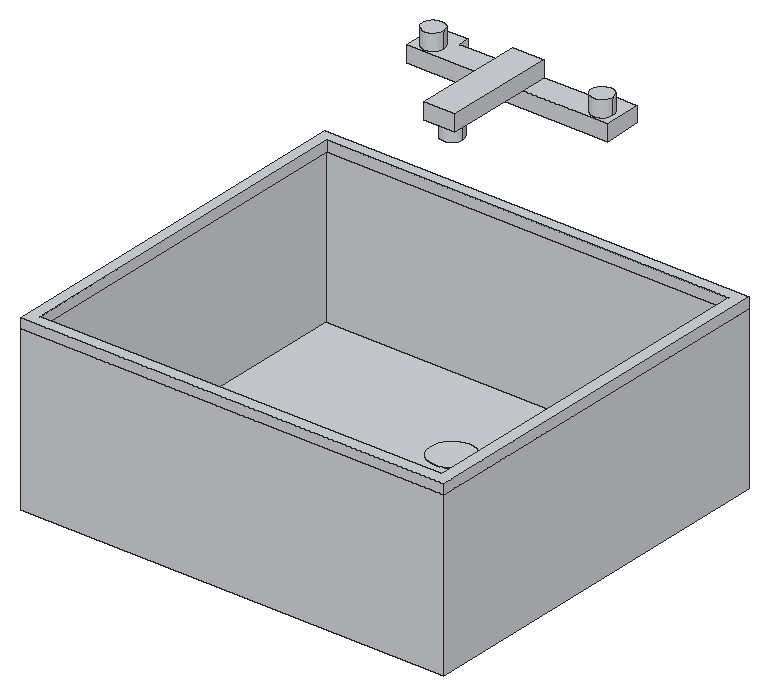
Revit family "8593707e93b044a98a5fc080da219077", category Plumbing Fixtures, Revit 2021
Family settings
  Round Connector Dimension = Use Radius
  Part Type = Normal
  OmniClass Number = 23.45.05.14.14
  OmniClass Title = Sinks/Lavatories
  Seek Item ID = Sink - Work-0000-USA-ENU
  Work Plane-Based = No
  Always vertical = Yes
  Cut with Voids When Loaded = No
  Shared = No
  Room Calculation Point = No
Parameters (values of type "20"x18"")
  WFU = 2
  Sink Width = 1' - 6"
  Sink Material = none
  Sink Length = 1' - 8"
  Sink Depth = 0' - 8"
  Sanitary Radius = 3/4"
  Sanitary Diameter = 2 * Sanitary Radius  # 1 1/2"
  Hot Water Radius = 1/4"
  Hot Water Diameter = 2 * Hot Water Radius  # 1/2"
  HWFU = 2.25
  Flow Pressure [instance] = 8.00 psi
  Faucet Material = none
  Faucet Height = 1' - 1 5/8"
  Default Elevation = 0' - 0"
  Cold Water Radius = 1/4"
  Cold Water Diameter = 2 * Cold Water Radius  # 1/2"
  CWFU = 2.25
Reference planes (in)
  plane 1 "Center (Front/Back)": y = 0
  plane 2: z = 0
  plane 3 "Center (Left/Right)": x = 0
  plane 4: x = -10
  plane 5: x = 10
  plane 6: y = -18
  plane 7: y = -0.125
  plane 8: x = -9.875
  plane 9: x = 9.875
  plane 10: y = -17.875
  plane 11: z = 0.125
  plane 12: z = 8.125
  plane 13: z = 7.625
  plane 14: y = -0.5
  plane 15: x = -9.5
  plane 16: x = 9.5
  plane 17: y = -17.5
  plane 18: y = -5
  plane 19: z = 13.625
  plane 20: z = 14.375
  plane 21: z = 15.125
  plane 22: y = -1.75
  plane 23: x = -4.75
  plane 24: x = 4.75
  plane 25: x = -3.25
  plane 26: x = 3.25
  plane 27: y = -1.125
  plane 28: x = -4
  plane 29: x = 4
  plane 30: y = -5.75
  plane 31: x = -0.75
  plane 32: x = 0.75
Forms (in)
  Extrusion 1, solid, material <- "Sink Material"
    sketch origin (0, 0, 0) x (1, 0, 0) y (0, 1, 0)
      loop
        line (-10, 0) -> (-10, -18) -> (10, -18) -> (10, 0) -> (-10, 0)
      loop
        line (-9.875, -0.125) -> (-9.875, -17.875) -> (9.875, -17.875) -> (9.875, -0.125) -> (-9.875, -0.125)
    from 0 to 7.625
  Extrusion 2, solid, material <- "Sink Material"
    sketch origin (0, 0, 0) x (1, 0, 0) y (0, 1, 0)
      loop
        line (-9.875, -0.125) -> (-9.875, -17.875) -> (9.875, -17.875) -> (9.875, -0.125) -> (-9.875, -0.125)
    from 0 to 0.125
  Extrusion 3, solid, material <- "Sink Material"
    sketch origin (0, 0, 0) x (1, 0, 0) y (0, 1, 0)
      loop
        line (-10, 0) -> (-10, -18) -> (10, -18) -> (10, 0) -> (-10, 0)
      loop
        line (-9.5, -0.5) -> (-9.5, -17.5) -> (9.5, -17.5) -> (9.5, -0.5) -> (-9.5, -0.5)
    from 7.625 to 8.125
  Extrusion 4, solid, material <- "Sink Material"
    sketch origin (0, 0, 0) x (1, 0, 0) y (0, 1, 0)
      loop
        circle (0, -5) r 1
    from 0 to 0.125
  Extrusion 5, solid, material <- "Faucet Material", detail levels fine
    sketch origin (0, 0, 0) x (1, 0, 0) y (0, 1, 0)
      loop
        line (-4.75, 0) -> (-4.75, -1.75) -> (4.75, -1.75) -> (4.75, 0) -> (3.25, 0) -> (3.25, -0.5) -> (-3.25, -0.5) -> (-3.25, 0) -> (-4.75, 0)
    from 13.625 to 14.375
  Extrusion 6, solid, material <- "Faucet Material", detail levels fine
    sketch origin (0, 0, 0) x (1, 0, 0) y (0, 1, 0)
      loop
        circle (-4, -1.125) r 0.5
      loop
        circle (4, -1.125) r 0.5
    from 14.375 to 15.125
  Extrusion 7, solid, material <- "Faucet Material", detail levels fine
    sketch origin (0, 0, 0) x (1, 0, 0) y (0, 1, 0)
      loop
        line (-0.75, -0.5) -> (-0.75, -5.75) -> (0.75, -5.75) -> (0.75, -0.5) -> (-0.75, -0.5)
    from 14.375 to 15.125
  Extrusion 8, solid, material <- "Faucet Material", detail levels fine
    sketch origin (0, 0, 0) x (1, 0, 0) y (0, 1, 0)
      loop
        circle (0, -5) r 0.5
    from 13.625 to 14.375
Cuts and joins
  joined: Extrusion 1, Extrusion 2
  joined: Extrusion 5, Extrusion 6, Extrusion 7, Extrusion 8
Dimensions and locks (in)
  equal spacing: plane 4, plane 3 "Center (Left/Right)", plane 5
  "Sink Length": plane 4 to plane 5
  "Sink Width": plane 6 to plane 1 "Center (Front/Back)"
  locked: plane 7 to plane 1 "Center (Front/Back)" at 0.125
  locked: plane 9 to plane 5 at 0.125
  locked: plane 10 to plane 6 at 0.125
  locked: plane 4 to plane 8 at 0.125
  locked: plane 11 to plane 2 at 0.125
  "Sink Depth": plane 12 to plane 11
  locked: plane 12 to plane 13 at 0.5
  locked: plane 1 "Center (Front/Back)" to plane 14 at 0.5
  locked: plane 16 to plane 5 at 0.5
  locked: plane 6 to plane 17 at 0.5
  locked: plane 4 to plane 15 at 0.5
  "Faucet Height": plane 19 to plane 2
  plane 21 to plane 20 to plane 19 = 0' - 0 3/4" locked, 0' - 0 3/4" locked
  locked: plane 14 to plane 22 at 1.25
  plane 23 to plane 3 "Center (Left/Right)" to plane 24 = 0' - 4 3/4" locked, 0' - 4 3/4" locked
  locked: plane 23 to plane 25 at 1.5
  locked: plane 26 to plane 24 at 1.5
  equal spacing: plane 14, plane 27, plane 22
  equal spacing: plane 23, plane 28, plane 25
  equal spacing: plane 26, plane 29, plane 24
  locked: plane 22 to plane 30 at 4
  plane 31 to plane 3 "Center (Left/Right)" to plane 32 = 0' - 0 3/4" locked, 0' - 0 3/4" locked
  radius of Extrusion 4 sketch curve = 0' - 1"
  radius of Extrusion 6 sketch curve = 0' - 0 1/2"  (x2)
  radius of Extrusion 8 sketch curve = 0' - 0 1/2"
  aligned and locked: plane 4 to Extrusion 1 sketch curve
  aligned and locked: plane 1 "Center (Front/Back)" to Extrusion 1 sketch curve
  aligned and locked: plane 6 to Extrusion 1 sketch curve
  aligned and locked: Extrusion 1 sketch curve to plane 5
  aligned and locked: plane 8 to Extrusion 1 sketch curve
  aligned and locked: plane 7 to Extrusion 1 sketch curve
  aligned and locked: plane 10 to Extrusion 1 sketch curve
  aligned and locked: plane 9 to Extrusion 1 sketch curve
  aligned and locked: Extrusion 1 to plane 2
  aligned and locked: plane 13 to Extrusion 1
  aligned and locked: Extrusion 1 to Extrusion 2 sketch curve
  aligned and locked: Extrusion 2 sketch curve to Extrusion 1  (x3)
  aligned and locked: plane 2 to Extrusion 2
  aligned and locked: plane 11 to Extrusion 2
  aligned and locked: Extrusion 3 sketch curve to Extrusion 1  (x3)
  aligned and locked: Extrusion 1 to Extrusion 3 sketch curve
  aligned and locked: plane 15 to Extrusion 3 sketch curve
  aligned and locked: Extrusion 3 sketch curve to plane 14
  aligned and locked: plane 17 to Extrusion 3 sketch curve
  aligned and locked: Extrusion 3 sketch curve to plane 16
  aligned and locked: Extrusion 3 to plane 13
  aligned and locked: plane 12 to Extrusion 3
  aligned and locked: plane 18 to Extrusion 4 sketch curve
  aligned and locked: plane 3 "Center (Left/Right)" to Extrusion 4 sketch curve
  aligned and locked: Extrusion 4 to plane 2
  aligned and locked: plane 11 to Extrusion 4
  aligned and locked: plane 23 to Extrusion 5 sketch curve
  aligned and locked: plane 1 "Center (Front/Back)" to Extrusion 5 sketch curve  (x2)
  aligned and locked: plane 25 to Extrusion 5 sketch curve
  aligned and locked: plane 26 to Extrusion 5 sketch curve
  aligned and locked: plane 22 to Extrusion 5 sketch curve
  aligned and locked: Extrusion 5 sketch curve to plane 24
  aligned and locked: Extrusion 5 sketch curve to plane 14
  aligned and locked: plane 20 to Extrusion 5
  aligned and locked: Extrusion 5 to plane 19
  aligned and locked: plane 27 to Extrusion 6 sketch curve  (x2)
  aligned and locked: plane 28 to Extrusion 6 sketch curve
  aligned and locked: plane 29 to Extrusion 6 sketch curve
  aligned and locked: plane 21 to Extrusion 6
  aligned and locked: Extrusion 6 to plane 20
  aligned and locked: plane 31 to Extrusion 7 sketch curve
  aligned and locked: Extrusion 7 sketch curve to plane 14
  aligned and locked: plane 30 to Extrusion 7 sketch curve
  aligned and locked: Extrusion 7 sketch curve to plane 32
  aligned and locked: plane 21 to Extrusion 7
  aligned and locked: Extrusion 7 to plane 20
  aligned and locked: plane 18 to Extrusion 8 sketch curve
  aligned and locked: plane 3 "Center (Left/Right)" to Extrusion 8 sketch curve
  aligned and locked: plane 20 to Extrusion 8
  aligned and locked: Extrusion 8 to plane 19
Connectors (in)
  piping at (4, 0, 14), diameter 0.5, driven by "Cold Water Radius", driven by "Flow Pressure", driven by "CWFU"
    settings: on cut or joined group of Extrusion 5, Extrusion 6, Extrusion 7, Extrusion 8, index 1, connector inside diameter 1/2", connector length 0' - 0", flow factor 0, pipe flow 0 GPM, pressure drop 8.00 psi, fitting loss kfactor 0, connector angle 0.00°, fixture units 2.25, engagement length 0' - 0", angle of deflection 0.00°, flow configuration 3, flow direction 1, fitting loss method 4, system type 20, joint type 0, gender type 0, connector reference index -1, connector utility 0, adjustable connector no, is connector primary yes, connector description "In"
  piping at (-4, 0, 14), diameter 0.5, driven by "Hot Water Radius", driven by "Flow Pressure", driven by "HWFU"
    settings: on cut or joined group of Extrusion 5, Extrusion 6, Extrusion 7, Extrusion 8, index 2, connector inside diameter 1/2", connector length 0' - 0", flow factor 0, pipe flow 0 GPM, pressure drop 8.00 psi, fitting loss kfactor 0, connector angle 0.00°, fixture units 2.25, engagement length 0' - 0", angle of deflection 0.00°, flow configuration 3, flow direction 1, fitting loss method 4, system type 19, joint type 0, gender type 0, connector reference index -1, connector utility 0, adjustable connector no, is connector primary no, connector description "In"
  piping at (0, -5, 0), diameter 1.5, driven by "WFU", driven by "Sanitary Radius"
    settings: on Extrusion 4, index 3, connector inside diameter 1 1/2", connector length 0' - 0", flow factor 0, pipe flow 0 GPM, pressure drop 0.00 psi, fitting loss kfactor 0, connector angle 0.00°, fixture units 2, engagement length 0' - 0", angle of deflection 0.00°, flow configuration 3, flow direction 2, fitting loss method 0, system type 16, joint type 0, gender type 0, connector reference index -1, connector utility 0, adjustable connector no, is connector primary no, connector description "Out"
